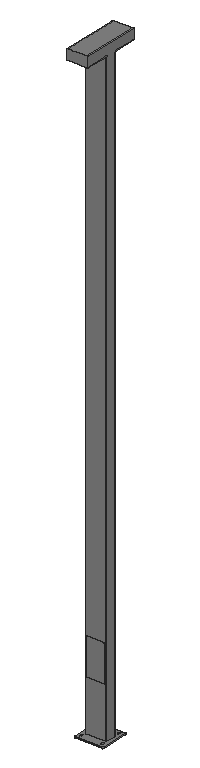
Revit family "Супремус В", category Осветительные приборы, Revit 2019 (continued)
Types (7, lengths in mm): name | Файл фотометрической сетки | built-in parameter 1150105 | Lumens | built-in parameter 1150106 | built-in parameter 1150142 | Wattage | L_общая рассеиватели | ADSK_Фактическая мощность | ADSK_Размер_Высота | ADSK_Номинальная мощность | ADSK_Наименование | ADSK_Масса_Текст | ADSK_Масса | ADSK_Артикул | 2
    0 0.0 0.0 0.0 0.0 0.0 0.0 0.0 0.0 0.0 0.0 0.0 0.0 0.0\r\n 0.0 0.0 0.0 0.0 0.0 0.0 0.0 0.0 0.0 0.0 0.0 0.0 0.0 0.0 0.0 0.0 0.0 0.0 0.0 0.0 0.0 0.0 0.0 0.0 0.0 0.0 0.0 0.0 0.0 0.0 0.0 0.0\r\n 0.0 0.0 0.0 0.0 0.0\r\n275.6 273.7 271.8 269.8 267.9 265.9 264.0 262.0 260.0 257.9 255.6 253.3 251.0 248.8 246.1 243.5 240.4 237.2 233.8 230.1 226.8\r\n 223.3 220.1 217.1 214.2 211.4 209.0 206.5 203.6 200.6 197.6 194.5 191.5 188.3 185.1 181.9 178.6 175.4 171.7 167.9 164.1 160.3\r\n 157.0 153.7 150.5 147.5 144.5 141.6 138.7 135.8 133.1 130.7 128.9 127.4 126.3 124.5 122.6 120.8 119.4 117.7 115.8 113.8 111.8\r\n 109.5 107.1 104.6 102.1 99.7 97.4 95.1 92.7 90.3 87.8 85.5 83.3 81.3 79.2 77.1 75.0 73.0 71.0 69.0 67.0 65.2 63.2 61.2 59.1 57.1\r\n 55.1 53.0 51.0 49.2 47.5 46.0 44.6 43.3 42.0 40.8 39.9 39.1 38.3 37.6 37.1 36.7 36.5 36.3 36.0 35.7 35.2 34.6 34.1 33.7 33.4 33.4\r\n 33.6 34.1 33.9 32.6 31.7 30.9 30.3 29.9 29.4 28.7 28.0 27.5 27.1 26.8 26.9 27.3 28.1 28.9 30.1 32.0 34.5 37.0 39.1 40.8 41.2 42.0\r\n 42.7 42.8 42.6 41.8 41.0 40.2 39.3 38.3 37.3 36.3 35.4 35.4 35.9 35.3 34.7 33.9 33.8 33.5 33.0 32.0 31.2 29.9 28.3 26.9 25.6 24.7\r\n 23.8 23.0 22.0 21.1 20.2 19.2 18.1 16.7 14.9 13.3 12.3 11.2 10.0 8.9 8.1 7.5 6.9 6.5 6.6 6.1 5.8 5.8 5.3 5.3 4.3 3.9 3.8 3.6 3.7\r\n 3.7 3.4 3.2 2.3 2.1 1.8 0.0 0.0 0.0 0.0 0.0 0.0 0.0 0.0 0.0 0.0 0.0 0.0 0.0 0.0 0.0 0.0 0.0 0.0 0.0 0.0 0.0 0.0 0.0 0.0 0.0 0.0\r\n 0.0 0.0 0.0 0.0 0.0 0.0 0.0 0.0 0.0 0.0 0.0 0.0 0.0 0.0 0.0 0.0 0.0 0.0 0.0 0.0 0.0 0.0 0.0 0.0 0.0 0.0 0.0 0.0 0.0 0.0 0.0 0.0\r\n 0.0 0.0 0.0 0.0 0.0 0.0 0.0 0.0 0.0 0.0 0.0 0.0 0.0 0.0 0.0 0.0 0.0 0.0 0.0 0.0 0.0 0.0 0.0 0.0 0.0 0.0 0.0 0.0 0.0 0.0 0.0 0.0\r\n 0.0 0.0 0.0 0.0 0.0 0.0 0.0 0.0 0.0 0.0 0.0 0.0 0.0 0.0 0.0 0.0 0.0 0.0 0.0 0.0 0.0 0.0 0.0 0.0 0.0 0.0 0.0 0.0 0.0 0.0 0.0 0.0\r\n 0.0 0.0 0.0 0.0 0.0 0.0 0.0 0.0 0.0 0.0 0.0 0.0 0.0 0.0 0.0 0.0 0.0 0.0 0.0 0.0 0.0 0.0 0.0 0.0 0.0 0.0 0.0 0.0 0.0 0.0 0.0 0.0\r\n 0.0 0.0 0.0 0.0 0.0 0.0\r\n275.6 274.0 272.1 270.3 268.4 266.6 264.6 262.9 261.0 259.1 257.1 254.9 252.7 250.4 248.0 245.7 243.1 240.2 237.2 234.1 230.9\r\n 227.5 224.1 221.0 218.1 215.2 212.5 210.1 207.6 205.1 202.5 199.5 196.8 194.1 191.3 188.5 185.6 182.6 179.7 176.8 173.7 170.4\r\n 167.1 163.7 160.4 157.2 154.4 151.6 149.0 146.4 143.9 141.5 139.1 136.7 134.5 132.4 130.5 129.1 127.6 126.3 125.0 123.7 122.2\r\n 120.7 119.1 117.3 115.4 113.4 111.3 109.2 107.0 104.7 102.5 100.4 98.3 96.1 93.9 91.6 89.3 87.0 84.8 82.6 80.5 78.5 76.6 74.8\r\n 73.0 71.3 69.4 67.4 65.5 63.7 61.8 60.1 58.4 56.6 54.7 53.1 51.6 50.4 49.3 48.3 47.3 46.3 45.5 45.1 44.6 44.0 43.7 43.2 42.7 42.4\r\n 41.9 41.5 41.0 40.5 40.5 40.8 41.1 40.8 40.2 39.6 38.9 38.4 38.0 37.7 37.4 37.1 36.7 36.3 36.0 35.9 36.1 36.5 37.0 37.5 38.7 40.3\r\n 41.7 42.9 43.7 45.3 47.0 48.8 49.4 49.4 49.3 48.6 47.4 46.0 44.8 43.9 42.8 41.3 40.0 38.5 37.7 37.3 36.5 35.8 34.9 33.8 32.3 30.4\r\n 28.6 26.8 25.2 23.6 22.1 20.8 19.6 18.4 17.2 16.0 14.3 12.4 11.0 9.8 8.5 7.3 6.5 6.0 5.5 5.1 4.9 4.9 4.8 4.7 4.4 4.0 3.5 3.3 3.2\r\n 3.2 3.0 2.9 2.7 2.1 2.0 1.7 1.5 0.0 0.0 0.0 0.0 0.0 0.0 0.0 0.0 0.0 0.0 0.0 0.0 0.0 0.0 0.0 0.0 0.0 0.0 0.0 0.0 0.0 0.0 0.0 0.0\r\n 0.0 0.0 0.0 0.0 0.0 0.0 0.0 0.0 0.0 0.0 0.0 0.0 0.0 0.0 0.0 0.0 0.0 0.0 0.0 0.0 0.0 0.0 0.0 0.0 0.0 0.0 0.0 0.0 0.0 0.0 0.0 0.0\r\n 0.0 0.0 0.0 0.0 0.0 0.0 0.0 0.0 0.0 0.0 0.0 0.0 0.0 0.0 0.0 0.0 0.0 0.0 0.0 0.0 0.0 0.0 0.0 0.0 0.0 0.0 0.0 0.0 0.0 0.0 0.0 0.0\r\n 0.0 0.0 0.0 0.0 0.0 0.0 0.0 0.0 0.0 0.0 0.0 0.0 0.0 0.0 0.0 0.0 0.0 0.0 0.0 0.0 0.0 0.0 0.0 0.0 0.0 0.0 0.0 0.0 0.0 0.0 0.0 0.0\r\n 0.0 0.0 0.0 0.0 0.0 0.0 0.0 0.0 0.0 0.0 0.0 0.0 0.0 0.0 0.0 0.0 0.0 0.0 0.0 0.0 0.0 0.0 0.0 0.0 0.0 0.0 0.0 0.0 0.0 0.0 0.0 0.0\r\n 0.0 0.0 0.0 0.0 0.0 0.0 0.0 0.0\r\n275.6 274.1 272.5 270.6 269.1 267.3 265.5 264.1 262.1 260.4 258.7 256.7 254.6 252.5 250.2 248.0 245.9 243.5 241.0 238.4 235.6\r\n 232.7 229.7 226.6 223.5 220.5 217.8 215.0 212.3 209.8 207.4 205.1 202.8 200.4 197.9 195.4 193.0 190.5 188.1 185.7 183.1 180.5\r\n 177.9 175.1 172.5 169.8 167.1 164.3 161.6 158.9 156.3 153.9 151.7 149.6 147.9 146.2 144.6 142.7 141.1 139.4 137.8 136.4 134.8\r\n 133.4 132.3 131.1 129.6 128.1 126.7 125.0 123.3 121.8 120.0 118.2 116.4 114.5 112.6 110.8 109.1 107.4 105.8 104.2 102.6 101.0\r\n 99.4 97.8 96.1 94.5 92.6 90.8 89.1 87.3 85.7 84.1 82.3 80.6 79.0 77.5 76.1 74.8 73.5 72.4 71.5 70.4 69.1 68.2 67.1 66.2 65.2 64.3\r\n 63.5 62.8 62.0 61.3 60.8 60.4 60.2 60.0 59.7 59.5 59.3 58.8 58.6 58.4 57.8 57.2 56.7 56.2 55.7 55.2 54.5 53.9 53.3 53.0 52.7 52.5\r\n 52.5 52.4 52.3 52.4 52.9 53.4 53.9 54.8 56.1 57.5 58.5 59.5 60.3 61.2 61.2 61.1 60.8 60.0 58.4 55.4 52.5 50.2 48.1 45.9 43.5 40.9\r\n 38.5 36.2 33.8 31.6 29.6 27.6 25.6 23.7 21.8 19.9 18.4 17.0 15.5 14.0 11.9 9.9 8.8 7.7 6.9 6.1 5.5 5.1 4.7 4.5 4.7 4.7 4.3 3.7\r\n 3.3 3.0 3.2 3.0 2.7 2.4 2.0 1.9 1.6 1.4 1.3 0.0 0.0 0.0 0.0 0.0 0.0 0.0 0.0 0.0 0.0 0.0 0.0 0.0 0.0 0.0 0.0 0.0 0.0 0.0 0.0 0.0\r\n 0.0 0.0 0.0 0.0 0.0 0.0 0.0 0.0 0.0 0.0 0.0 0.0 0.0 0.0 0.0 0.0 0.0 0.0 0.0 0.0 0.0 0.0 0.0 0.0 0.0 0.0 0.0 0.0 0.0 0.0 0.0 0.0\r\n 0.0 0.0 0.0 0.0 0.0 0.0 0.0 0.0 0.0 0.0 0.0 0.0 0.0 0.0 0.0 0.0 0.0 0.0 0.0 0.0 0.0 0.0 0.0 0.0 0.0 0.0 0.0 0.0 0.0 0.0 0.0 0.0\r\n 0.0 0.0 0.0 0.0 0.0 0.0 0.0 0.0 0.0 0.0 0.0 0.0 0.0 0.0 0.0 0.0 0.0 0.0 0.0 0.0 0.0 0.0 0.0 0.0 0.0 0.0 0.0 0.0 0.0 0.0 0.0 0.0\r\n 0.0 0.0 0.0 0.0 0.0 0.0 0.0 0.0 0.0 0.0 0.0 0.0 0.0 0.0 0.0 0.0 0.0 0.0 0.0 0.0 0.0 0.0 0.0 0.0 0.0 0.0 0.0 0.0 0.0 0.0 0.0 0.0\r\n 0.0 0.0 0.0 0.0 0.0 0.0 0.0 0.0 0.0 0.0 0.0\r\n275.6 274.2 272.7 271.1 269.7 268.1 266.5 264.9 263.4 261.7 260.1 258.5 256.5 254.6 252.6 250.5 248.5 246.5 244.4 242.2 239.9\r\n 237.4 234.9 232.2 229.4 226.6 223.8 221.1 218.4 215.8 213.2 210.8 208.5 206.2 204.1 201.9 199.9 197.7 195.3 193.2 191.2 188.9\r\n 187.1 185.2 183.2 181.2 179.1 177.0 174.9 173.0 171.0 169.2 167.5 165.7 164.0 162.3 160.8 159.3 157.9 156.6 155.2 154.2 153.1\r\n 151.8 150.5 149.3 148.0 146.6 145.1 143.4 141.6 139.9 138.2 136.8 135.5 134.4 133.3 132.3 131.3 130.1 129.0 127.8 126.6 125.2\r\n 123.8 122.4 121.0 119.6 118.2 116.8 115.6 114.6 113.1 111.9 110.5 109.6 108.3 107.1 106.2 105.5 104.5 103.3 102.3 101.4 100.4\r\n 99.3 98.1 97.1 95.9 94.8 93.8 92.9 92.0 91.4 90.7 90.2 89.6 89.1 88.5 88.0 87.8 87.5 87.4 87.5 87.2 86.8 86.9 86.5 85.9 85.5 85.1\r\n 84.8 84.5 84.2 83.8 83.3 82.6 82.2 81.9 81.3 80.9 80.7 80.1 79.8 79.5 79.2 78.0 76.8 75.6 74.2 72.3 69.7 67.1 63.8 60.6 55.9 50.9\r\n 46.6 42.4 38.5 35.5 33.1 30.8 29.0 27.5 26.3 25.4 24.4 23.6 22.7 21.6 20.7 20.0 19.0 18.1 16.9 15.5 13.4 11.1 9.5 7.9 6.8 6.0 5.3\r\n 4.7 4.2 3.8 3.4 3.4 3.2 3.3 2.9 2.8 2.6 2.3 2.0 1.7 1.5 1.4 1.2 1.2 0.0 0.0 0.0 0.0 0.0 0.0 0.0 0.0 0.0 0.0 0.0 0.0 0.0 0.0 0.0\r\n 0.0 0.0 0.0 0.0 0.0 0.0 0.0 0.0 0.0 0.0 0.0 0.0 0.0 0.0 0.0 0.0 0.0 0.0 0.0 0.0 0.0 0.0 0.0 0.0 0.0 0.0 0.0 0.0 0.0 0.0 0.0 0.0\r\n 0.0 0.0 0.0 0.0 0.0 0.0 0.0 0.0 0.0 0.0 0.0 0.0 0.0 0.0 0.0 0.0 0.0 0.0 0.0 0.0 0.0 0.0 0.0 0.0 0.0 0.0 0.0 0.0 0.0 0.0 0.0 0.0\r\n 0.0 0.0 0.0 0.0 0.0 0.0 0.0 0.0 0.0 0.0 0.0 0.0 0.0 0.0 0.0 0.0 0.0 0.0 0.0 0.0 0.0 0.0 0.0 0.0 0.0 0.0 0.0 0.0 0.0 0.0 0.0 0.0\r\n 0.0 0.0 0.0 0.0 0.0 0.0 0.0 0.0 0.0 0.0 0.0 0.0 0.0 0.0 0.0 0.0 0.0 0.0 0.0 0.0 0.0 0.0 0.0 0.0 0.0 0.0 0.0 0.0 0.0 0.0 0.0 0.0\r\n 0.0 0.0 0.0 0.0 0.0 0.0 0.0 0.0 0.0 0.0 0.0 0.0 0.0 0.0 0.0 0.0 0.0\r\n275.6 274.5 273.1 271.8 270.3 269.0 267.6 266.3 264.7 263.4 261.8 260.1 258.7 257.0 255.2 253.4 251.8 249.9 247.9 246.0 244.1\r\n 242.0 239.9 237.7 235.5 233.3 231.0 228.6 226.3 223.8 221.5 219.0 216.5 214.2 211.9 209.7 207.4 205.3 203.3 201.5 199.8 198.0\r\n 196.3 194.6 193.1 191.7 190.5 189.2 188.1 187.1 186.2 185.1 183.9 182.8 181.7 180.7 179.6 178.5 177.6 176.7 175.9 174.8 174.0\r\n 173.1 172.0 170.9 169.5 168.4 166.8 165.4 164.0 162.6 161.5 160.4 159.5 158.7 157.8 156.9 156.0 155.1 154.3 153.4 152.4 151.3\r\n 150.2 149.3 148.4 147.6 146.9 146.7 145.9 145.0 144.3 143.6 142.5 141.6 141.4 140.7 139.8 138.8 137.9 137.0 135.8 134.8 133.9\r\n 133.0 132.1 131.3 130.5 129.8 129.1 128.4 127.9 127.5 127.1 126.7 126.6 126.4 126.3 126.0 125.8 125.5 125.1 125.0 124.8 124.1\r\n 123.4 122.7 122.2 121.7 121.3 121.1 120.6 120.0 119.3 118.6 118.0 117.0 115.8 114.3 112.6 110.5 107.9 104.6 100.9 97.1 93.2 89.6\r\n 85.0 79.4 74.0 69.0 63.4 56.9 50.6 45.2 40.6 37.4 35.3 33.5 32.1 30.9 30.1 29.4 28.7 27.9 26.9 25.6 24.1 22.6 20.9 19.1 17.5 16.1\r\n 14.7 13.3 11.7 10.4 9.3 7.9 6.4 5.5 4.9 4.3 3.8 3.4 3.0 2.6 2.3 2.3 2.3 2.3 2.3 2.0 1.7 1.4 1.4 1.3 1.3 1.2 1.2 0.0 0.0 0.0 0.0\r\n 0.0 0.0 0.0 0.0 0.0 0.0 0.0 0.0 0.0 0.0 0.0 0.0 0.0 0.0 0.0 0.0 0.0 0.0 0.0 0.0 0.0 0.0 0.0 0.0 0.0 0.0 0.0 0.0 0.0 0.0 0.0 0.0\r\n 0.0 0.0 0.0 0.0 0.0 0.0 0.0 0.0 0.0 0.0 0.0 0.0 0.0 0.0 0.0 0.0 0.0 0.0 0.0 0.0 0.0 0.0 0.0 0.0 0.0 0.0 0.0 0.0 0.0 0.0 0.0 0.0\r\n 0.0 0.0 0.0 0.0 0.0 0.0 0.0 0.0 0.0 0.0 0.0 0.0 0.0 0.0 0.0 0.0 0.0 0.0 0.0 0.0 0.0 0.0 0.0 0.0 0.0 0.0 0.0 0.0 0.0 0.0 0.0 0.0\r\n 0.0 0.0 0.0 0.0 0.0 0.0 0.0 0.0 0.0 0.0 0.0 0.0 0.0 0.0 0.0 0.0 0.0 0.0 0.0 0.0 0.0 0.0 0.0 0.0 0.0 0.0 0.0 0.0 0.0 0.0 0.0 0.0\r\n 0.0 0.0 0.0 0.0 0.0 0.0 0.0 0.0 0.0 0.0 0.0 0.0 0.0 0.0 0.0 0.0 0.0 0.0 0.0 0.0 0.0 0.0 0.0 0.0 0.0 0.0 0.0 0.0\r\n275.6 274.6 273.5 272.3 271.1 269.8 268.7 267.3 266.1 264.8 263.5 261.9 260.6 259.2 257.7 256.3 254.8 253.2 251.7 250.0 248.2\r\n 246.4 244.5 242.6 240.7 238.9 237.2 235.3 233.4 231.6 229.6 227.4 225.3 223.1 221.1 219.3 217.2 215.3 213.5 211.6 210.0 208.4\r\n 206.9 205.7 204.4 203.3 202.3 201.3 200.4 199.6 199.1 198.7 198.2 197.7 197.3 196.7 196.4 195.9 195.6 195.3 195.2 194.9 194.3\r\n 193.7 193.2 192.6 191.7 191.0 190.3 189.5 188.8 188.1 187.4 186.9 186.2 185.8 185.2 184.6 184.1 183.4 182.9 182.4 182.0 181.5\r\n 181.2 180.9 180.7 180.8 180.8 180.1 179.4 179.1 178.7 178.4 178.5 178.4 177.6 176.8 176.2 175.4 174.3 173.3 172.4 171.8 171.2\r\n 170.6 170.1 169.6 169.3 169.0 168.7 168.4 168.1 167.9 167.8 167.6 167.5 167.5 167.4 167.2 167.0 166.6 166.2 165.8 165.4 164.8\r\n 164.4 164.2 164.0 163.6 163.1 162.4 161.6 160.3 159.0 157.3 155.4 153.1 150.1 146.5 142.0 137.0 132.0 126.4 119.6 112.2 104.8\r\n 97.6 90.1 83.2 76.7 71.3 66.4 63.0 59.7 57.8 56.7 55.2 53.5 51.5 48.9 46.0 42.6 39.0 35.1 31.3 27.8 24.6 21.8 19.0 16.6 14.5 12.7\r\n 11.2 9.8 8.6 7.5 6.6 5.9 5.3 4.5 3.7 3.3 3.1 2.9 2.6 2.3 2.1 2.0 1.9 1.7 1.5 1.4 1.3 1.2 1.1 1.1 1.1 1.2 1.2 1.2 0.0 0.0 0.0 0.0\r\n 0.0 0.0 0.0 0.0 0.0 0.0 0.0 0.0 0.0 0.0 0.0 0.0 0.0 0.0 0.0 0.0 0.0 0.0 0.0 0.0 0.0 0.0 0.0 0.0 0.0 0.0 0.0 0.0 0.0 0.0 0.0 0.0\r\n 0.0 0.0 0.0 0.0 0.0 0.0 0.0 0.0 0.0 0.0 0.0 0.0 0.0 0.0 0.0 0.0 0.0 0.0 0.0 0.0 0.0 0.0 0.0 0.0 0.0 0.0 0.0 0.0 0.0 0.0 0.0 0.0\r\n 0.0 0.0 0.0 0.0 0.0 0.0 0.0 0.0 0.0 0.0 0.0 0.0 0.0 0.0 0.0 0.0 0.0 0.0 0.0 0.0 0.0 0.0 0.0 0.0 0.0 0.0 0.0 0.0 0.0 0.0 0.0 0.0\r\n 0.0 0.0 0.0 0.0 0.0 0.0 0.0 0.0 0.0 0.0 0.0 0.0 0.0 0.0 0.0 0.0 0.0 0.0 0.0 0.0 0.0 0.0 0.0 0.0 0.0 0.0 0.0 0.0 0.0 0.0 0.0 0.0\r\n 0.0 0.0 0.0 0.0 0.0 0.0 0.0 0.0 0.0 0.0 0.0 0.0 0.0 0.0 0.0 0.0 0.0 0.0 0.0 0.0 0.0 0.0 0.0 0.0 0.0 0.0 0.0 0.0\r\n275.6 274.9 273.9 272.9 272.0 270.8 269.8 268.8 267.7 266.6 265.4 264.1 262.9 261.6 260.3 259.1 257.8 256.6 255.2 253.9 252.5\r\n 251.0 249.6 247.9 246.4 244.8 243.2 241.7 240.0 238.2 236.9 235.3 233.9 232.6 231.1 229.8 228.3 227.1 225.6 224.3 223.0 222.0\r\n 220.7 219.7 218.6 217.8 216.9 216.0 215.4 214.7 214.0 213.5 213.1 212.6 212.3 211.7 211.4 211.3 211.2 211.1 211.0 210.8 210.8\r\n 210.8 210.7 210.7 210.6 210.8 210.8 210.8 210.9 211.1 211.3 211.4 211.5 211.5 211.5 211.4 211.4 211.5 211.7 211.9 211.9 212.1\r\n 212.3 212.6 213.2 213.5 213.4 213.3 213.4 213.4 213.8 214.1 213.9 213.2 212.9 212.5 211.9 211.5 211.3 211.1 211.0 210.9 210.9\r\n 210.9 210.8 210.8 210.8 210.8 210.9 211.0 211.0 211.1 211.3 211.7 212.3 212.9 213.3 213.6 214.1 214.4 214.6 214.7 214.8 214.7\r\n 214.4 214.2 213.8 213.2 211.9 210.0 207.8 204.8 201.7 198.5 194.3 189.5 184.1 178.3 172.2 165.8 157.9 150.2 142.1 134.7 127.3\r\n 119.8 112.4 106.8 103.0 100.5 98.7 97.7 96.6 94.1 89.8 83.3 75.8 67.4 59.0 50.9 42.7 35.4 29.7 25.2 21.8 18.9 16.4 14.1 12.1 10.4\r\n 9.0 8.0 7.0 6.3 5.6 4.9 4.2 3.7 3.4 3.2 3.1 3.0 2.6 2.3 2.1 2.0 1.8 1.6 1.4 1.2 1.1 1.1 1.1 1.1 1.1 1.1 1.2 1.2 1.2 0.0 0.0 0.0\r\n 0.0 0.0 0.0 0.0 0.0 0.0 0.0 0.0 0.0 0.0 0.0 0.0 0.0 0.0 0.0 0.0 0.0 0.0 0.0 0.0 0.0 0.0 0.0 0.0 0.0 0.0 0.0 0.0 0.0 0.0 0.0 0.0\r\n 0.0 0.0 0.0 0.0 0.0 0.0 0.0 0.0 0.0 0.0 0.0 0.0 0.0 0.0 0.0 0.0 0.0 0.0 0.0 0.0 0.0 0.0 0.0 0.0 0.0 0.0 0.0 0.0 0.0 0.0 0.0 0.0\r\n 0.0 0.0 0.0 0.0 0.0 0.0 0.0 0.0 0.0 0.0 0.0 0.0 0.0 0.0 0.0 0.0 0.0 0.0 0.0 0.0 0.0 0.0 0.0 0.0 0.0 0.0 0.0 0.0 0.0 0.0 0.0 0.0\r\n 0.0 0.0 0.0 0.0 0.0 0.0 0.0 0.0 0.0 0.0 0.0 0.0 0.0 0.0 0.0 0.0 0.0 0.0 0.0 0.0 0.0 0.0 0.0 0.0 0.0 0.0 0.0 0.0 0.0 0.0 0.0 0.0\r\n 0.0 0.0 0.0 0.0 0.0 0.0 0.0 0.0 0.0 0.0 0.0 0.0 0.0 0.0 0.0 0.0 0.0 0.0 0.0 0.0 0.0 0.0 0.0 0.0 0.0 0.0 0.0 0.0 0.0\r\n275.6 275.1 274.4 273.6 272.7 271.8 271.0 270.0 269.2 268.1 267.0 266.1 265.0 264.0 262.9 261.9 260.7 259.6 258.5 257.4 256.1\r\n 254.9 253.8 252.4 251.3 250.1 248.9 247.6 246.5 245.2 244.0 242.8 241.9 240.9 239.9 239.2 238.2 237.3 236.6 235.9 235.3 234.8\r\n 234.4 233.9 233.5 233.1 232.9 232.5 231.9 231.4 231.1 230.6 230.3 229.9 229.6 229.4 229.3 228.9 228.8 228.6 228.4 228.4 228.5\r\n 228.6 228.7 229.1 229.5 229.9 230.2 230.7 231.0 231.6 232.2 232.7 233.1 233.6 234.2 234.7 235.3 235.9 236.4 237.0 237.6 238.4\r\n 239.4 240.8 241.7 242.1 242.5 243.2 244.1 245.1 245.5 245.4 245.4 245.5 245.4 245.5 245.8 245.9 246.1 246.5 246.8 247.3 247.7\r\n 248.0 248.5 249.0 249.3 249.7 249.8 250.3 251.0 251.9 252.8 253.8 254.7 255.6 256.4 256.7 256.9 256.7 256.4 256.1 256.1 256.0\r\n 255.6 254.6 252.8 250.7 248.2 244.7 240.1 235.1 230.0 225.0 220.1 215.3 210.0 204.1 198.6 192.8 186.7 180.9 175.4 169.7 164.5\r\n 160.1 156.9 155.3 154.2 151.0 146.1 139.0 128.6 115.3 100.4 85.0 70.6 60.0 49.4 38.7 32.0 27.0 22.7 18.9 15.7 13.2 11.2 9.7 8.5\r\n 7.6 6.8 6.0 5.4 4.7 4.2 3.6 3.2 3.0 2.9 2.8 2.6 2.5 2.4 2.2 1.8 1.6 1.4 1.2 1.1 1.0 1.0 1.0 1.0 1.0 1.1 1.1 1.1 1.2 1.2 0.0 0.0\r\n 0.0 0.0 0.0 0.0 0.0 0.0 0.0 0.0 0.0 0.0 0.0 0.0 0.0 0.0 0.0 0.0 0.0 0.0 0.0 0.0 0.0 0.0 0.0 0.0 0.0 0.0 0.0 0.0 0.0 0.0 0.0 0.0\r\n 0.0 0.0 0.0 0.0 0.0 0.0 0.0 0.0 0.0 0.0 0.0 0.0 0.0 0.0 0.0 0.0 0.0 0.0 0.0 0.0 0.0 0.0 0.0 0.0 0.0 0.0 0.0 0.0 0.0 0.0 0.0 0.0\r\n 0.0 0.0 0.0 0.0 0.0 0.0 0.0 0.0 0.0 0.0 0.0 0.0 0.0 0.0 0.0 0.0 0.0 0.0 0.0 0.0 0.0 0.0 0.0 0.0 0.0 0.0 0.0 0.0 0.0 0.0 0.0 0.0\r\n 0.0 0.0 0.0 0.0 0.0 0.0 0.0 0.0 0.0 0.0 0.0 0.0 0.0 0.0 0.0 0.0 0.0 0.0 0.0 0.0 0.0 0.0 0.0 0.0 0.0 0.0 0.0 0.0 0.0 0.0 0.0 0.0\r\n 0.0 0.0 0.0 0.0 0.0 0.0 0.0 0.0 0.0 0.0 0.0 0.0 0.0 0.0 0.0 0.0 0.0 0.0 0.0 0.0 0.0 0.0 0.0 0.0 0.0 0.0 0.0 0.0 0.0 0.0\r\n275.6 275.2 274.7 274.0 273.6 272.9 272.1 271.5 270.5 269.8 269.0 268.1 267.3 266.4 265.5 264.6 263.9 262.9 261.9 260.8 259.8\r\n 258.7 257.7 256.8 255.7 254.7 253.9 252.9 252.1 251.1 250.4 249.9 249.3 248.6 248.3 247.7 247.1 246.8 246.5 246.5 246.4 246.4\r\n 246.5 246.4 246.3 246.3 246.5 246.4 246.5 246.5 246.5 246.6 246.7 246.8 247.0 247.1 247.1 247.4 247.4 247.5 247.8 248.1 248.3\r\n 248.5 249.0 249.6 250.1 250.6 251.1 251.8 252.3 252.9 253.4 254.0 254.5 255.1 255.8 256.6 257.5 258.5 259.2 260.2 261.2 262.3\r\n 263.9 265.3 266.2 267.0 268.1 269.6 270.6 271.2 271.4 271.5 271.8 272.0 272.3 272.5 273.3 274.0 274.5 275.0 275.6 276.3 276.7\r\n 277.1 277.9 278.8 279.5 280.4 281.8 283.0 284.6 286.3 287.6 289.1 290.4 291.3 291.9 291.9 291.5 291.2 290.7 290.2 289.9 289.3\r\n 288.0 285.8 283.5 280.5 276.5 272.0 267.1 262.2 257.7 253.3 249.0 244.7 240.4 236.4 232.4 227.6 223.2 219.0 215.4 211.7 207.3\r\n 203.7 200.0 195.1 188.1 178.8 166.6 151.4 132.7 113.9 95.4 80.5 67.6 54.9 43.4 33.3 26.0 20.5 16.7 13.8 11.8 10.1 8.9 7.9 7.1 6.4\r\n 5.9 5.4 5.0 4.4 3.8 3.3 3.0 2.8 2.7 2.6 2.6 2.6 2.6 2.1 1.7 1.5 1.3 1.1 1.1 1.0 1.0 1.0 1.0 1.0 1.1 1.1 1.1 1.2 1.2 0.0 0.0 0.0\r\n 0.0 0.0 0.0 0.0 0.0 0.0 0.0 0.0 0.0 0.0 0.0 0.0 0.0 0.0 0.0 0.0 0.0 0.0 0.0 0.0 0.0 0.0 0.0 0.0 0.0 0.0 0.0 0.0 0.0 0.0 0.0 0.0\r\n 0.0 0.0 0.0 0.0 0.0 0.0 0.0 0.0 0.0 0.0 0.0 0.0 0.0 0.0 0.0 0.0 0.0 0.0 0.0 0.0 0.0 0.0 0.0 0.0 0.0 0.0 0.0 0.0 0.0 0.0 0.0 0.0\r\n 0.0 0.0 0.0 0.0 0.0 0.0 0.0 0.0 0.0 0.0 0.0 0.0 0.0 0.0 0.0 0.0 0.0 0.0 0.0 0.0 0.0 0.0 0.0 0.0 0.0 0.0 0.0 0.0 0.0 0.0 0.0 0.0\r\n 0.0 0.0 0.0 0.0 0.0 0.0 0.0 0.0 0.0 0.0 0.0 0.0 0.0 0.0 0.0 0.0 0.0 0.0 0.0 0.0 0.0 0.0 0.0 0.0 0.0 0.0 0.0 0.0 0.0 0.0 0.0 0.0\r\n 0.0 0.0 0.0
     0.0 0.0 0.0 0.0 0.0 0.0 0.0 0.0 0.0 0.0 0.0 0.0 0.0 0.0 0.0 0.0 0.0 0.0 0.0 0.0 0.0 0.0 0.0 0.0 0.0 0.0\r\n275.6 275.4 275.1 274.8 274.3 273.9 273.4 272.8 272.2 271.6 271.0 270.2 269.6 268.9 268.3 267.4 266.8 266.0 265.2 264.3 263.6\r\n 262.5 261.6 260.8 260.1 259.4 258.7 257.9 257.5 256.9 256.4 256.1 255.6 255.4 255.2 255.0 254.8 254.8 255.1 255.4 255.5 255.6\r\n 255.9 256.3 256.7 257.0 257.3 257.7 258.1 258.5 259.1 259.6 260.2 260.6 261.3 261.8 262.3 262.9 263.8 264.5 265.2 266.2 267.0\r\n 267.8 268.9 269.7 270.6 271.5 272.4 273.5 274.4 275.4 276.5 277.3 278.4 279.3 280.2 281.2 282.0 283.2 284.3 285.5 287.0 288.7\r\n 290.5 291.5 292.5 293.7 295.1 296.5 297.0 297.2 297.6 298.1 298.4 298.7 299.1 299.6 300.3 300.8 301.5 302.4 303.4 304.4 305.4\r\n 306.6 308.2 309.8 311.5 313.4 315.4 317.1 319.1 320.9 322.0 323.0 323.8 323.9 323.6 323.1 322.1 321.3 320.3 319.5 318.7 317.1\r\n 314.7 311.8 308.0 304.1 300.1 295.5 290.8 285.9 281.1 276.6 272.5 268.3 263.8 259.4 255.0 251.1 247.7 244.5 240.8 236.0 231.1\r\n 225.1 217.4 207.1 195.4 181.5 164.8 146.3 126.2 105.9 88.8 73.9 60.6 47.4 34.1 25.5 19.7 15.8 13.0 11.5 10.2 9.2 8.5 7.8 7.0 6.3\r\n 5.7 5.1 4.5 4.1 3.5 3.0 2.7 2.5 2.4 2.3 2.2 2.1 1.9 1.8 1.7 1.5 1.3 1.2 1.1 1.0 0.9 0.9 0.9 1.0 1.0 1.0 1.0 1.1 1.1 0.0 0.0 0.0\r\n 0.0 0.0 0.0 0.0 0.0 0.0 0.0 0.0 0.0 0.0 0.0 0.0 0.0 0.0 0.0 0.0 0.0 0.0 0.0 0.0 0.0 0.0 0.0 0.0 0.0 0.0 0.0 0.0 0.0 0.0 0.0 0.0\r\n 0.0 0.0 0.0 0.0 0.0 0.0 0.0 0.0 0.0 0.0 0.0 0.0 0.0 0.0 0.0 0.0 0.0 0.0 0.0 0.0 0.0 0.0 0.0 0.0 0.0 0.0 0.0 0.0 0.0 0.0 0.0 0.0\r\n 0.0 0.0 0.0 0.0 0.0 0.0 0.0 0.0 0.0 0.0 0.0 0.0 0.0 0.0 0.0 0.0 0.0 0.0 0.0 0.0 0.0 0.0 0.0 0.0 0.0 0.0 0.0 0.0 0.0 0.0 0.0 0.0\r\n 0.0 0.0 0.0 0.0 0.0 0.0 0.0 0.0 0.0 0.0 0.0 0.0 0.0 0.0 0.0 0.0 0.0 0.0 0.0 0.0 0.0 0.0 0.0 0.0 0.0 0.0 0.0 0.0 0.0 0.0 0.0 0.0\r\n 0.0 0.0 0.0 0.0 0.0 0.0 0.0 0.0 0.0 0.0 0.0 0.0 0.0 0.0 0.0 0.0 0.0 0.0 0.0 0.0 0.0 0.0 0.0 0.0 0.0 0.0 0.0 0.0 0.0\r\n275.6 275.6 275.4 275.4 275.1 275.0 274.6 274.5 274.0 273.6 273.1 272.6 272.1 271.6 271.2 270.5 269.9 269.3 268.8 268.0 267.4\r\n 266.9 266.3 265.6 265.0 264.5 264.1 263.6 263.2 263.0 262.7 262.5 262.4 262.4 262.3 262.4 262.5 262.8 263.1 263.2 263.6 264.1\r\n 264.6 265.1 265.7 266.3 266.8 267.5 268.0 268.6 269.3 270.0 270.6 271.4 272.2 272.9 274.0 274.8 275.8 276.8 277.9 279.0 280.1\r\n 281.1 282.3 283.5 284.7 286.1 287.2 288.5 289.8 291.2 292.5 294.0 295.6 296.9 298.3 299.9 301.1 302.3 303.8 305.3 307.0 309.2\r\n 310.7 312.1 313.4 315.4 317.5 318.3 318.9 319.8 320.8 321.9 322.8 323.7 324.9 326.2 327.1 328.4 329.9 331.5 333.0 334.7 336.5\r\n 338.5 340.6 342.9 345.1 347.3 349.5 351.3 352.7 353.8 354.6 355.1 355.0 354.6 353.9 353.3 352.9 352.1 350.9 350.0 348.7 346.8\r\n 343.7 340.1 336.0 332.0 328.1 323.5 318.6 314.1 309.6 304.7 300.3 295.5 290.9 286.8 283.6 281.0 278.4 276.0 271.5 265.0 257.4\r\n 247.6 235.1 220.3 205.5 189.6 171.6 151.8 130.1 108.8 90.3 73.3 59.4 45.5 31.5 24.0 18.8 15.4 13.3 11.9 10.7 9.6 8.8 7.9 7.1 6.4\r\n 5.7 5.1 4.4 3.8 3.2 2.6 2.3 2.0 2.0 2.0 2.0 2.0 1.8 1.8 1.6 1.5 1.3 1.1 1.1 1.0 0.9 0.9 0.9 0.9 0.9 0.9 1.0 1.0 1.0 0.0 0.0 0.0\r\n 0.0 0.0 0.0 0.0 0.0 0.0 0.0 0.0 0.0 0.0 0.0 0.0 0.0 0.0 0.0 0.0 0.0 0.0 0.0 0.0 0.0 0.0 0.0 0.0 0.0 0.0 0.0 0.0 0.0 0.0 0.0 0.0\r\n 0.0 0.0 0.0 0.0 0.0 0.0 0.0 0.0 0.0 0.0 0.0 0.0 0.0 0.0 0.0 0.0 0.0 0.0 0.0 0.0 0.0 0.0 0.0 0.0 0.0 0.0 0.0 0.0 0.0 0.0 0.0 0.0\r\n 0.0 0.0 0.0 0.0 0.0 0.0 0.0 0.0 0.0 0.0 0.0 0.0 0.0 0.0 0.0 0.0 0.0 0.0 0.0 0.0 0.0 0.0 0.0 0.0 0.0 0.0 0.0 0.0 0.0 0.0 0.0 0.0\r\n 0.0 0.0 0.0 0.0 0.0 0.0 0.0 0.0 0.0 0.0 0.0 0.0 0.0 0.0 0.0 0.0 0.0 0.0 0.0 0.0 0.0 0.0 0.0 0.0 0.0 0.0 0.0 0.0 0.0 0.0 0.0 0.0\r\n 0.0 0.0 0.0 0.0 0.0 0.0 0.0 0.0 0.0 0.0 0.0 0.0 0.0 0.0 0.0 0.0 0.0 0.0 0.0 0.0 0.0 0.0 0.0 0.0 0.0 0.0 0.0 0.0 0.0\r\n" | 29.6213 W | 326 | 38.9 W | 5000 | 40 W | "ДТУ121с5 Светодиодный светильник Супремус-B ДТУ-121-AF-ДТУП1211(40Вт)-5.0" | "102" | 102 | "ДТУ121с5" | no
